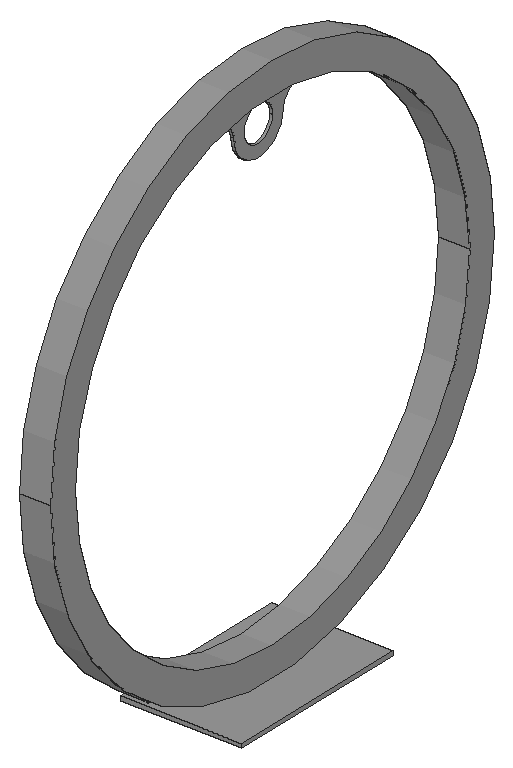
Revit family "11234 Велопарковка О-образная Хоббика", category Антураж, Revit 2018
Family settings
  На основе рабочей плоскости = Нет
  Всегда вертикально = Да
  При загрузке вырезать с полостями = Нет
  Источник визуального образа = Геометрия семейства
  Общий = Нет
  Точка расчета площади = Нет
Parameters (values of type "Велопарковка О-образная")
  Ширина = 200 mm  # constant formula
  Цвет каркаса = Сталь
  Описание = "Велопарковка О-образная"  # constant formula
  Материал изделия = "Сталь"  # constant formula
  Изображение типоразмера = Велопарковка О-образная Арт 11234.jpg
  Изготовитель = "ООО «Хоббика»"  # constant formula
  Длина = 910 mm  # constant formula
  Группа модели = "Велопарковки"  # constant formula
  Высота = 917 mm  # constant formula
  Артикул товара = "Арт. 11234"  # constant formula
  URL = "https://hobbyka.ru/product/veloparkovka_oobraznaya/"
Reference planes
  plane 1 "По центру (Вперед/Назад)": y = 0
  plane 2: z = 0
  plane 3 "По центру (Влево/Вправо)": x = 0
  plane 4: x = 200
  plane 5: y = 910
  plane 6: z = 917
Forms (mm)
  Extrusion 1, solid, material "Сталь" <- "Цвет каркаса"
    sketch origin (0, 0, 0) x (0, 1, 0) y (0, 0, 1)
      loop
        circle (455, 462) r 455
      loop
        circle (455, 462) r 405
    from 75 to 125
  Extrusion 2, solid, material "Сталь" <- "Цвет каркаса"
    sketch origin (0, 0, 0) x (1, 0, 0) y (0, 1, 0)
      loop
        line (0, 610) -> (0, 300) -> (200, 300) -> (200, 610) -> (0, 610)
    from 0 to 7
  Extrusion 3, solid, material "Сталь" <- "Цвет каркаса"
    sketch origin (0, 0, 0) x (0, 1, 0) y (0, 0, 1)
      loop
        arc (344.965, 851.766) -> (382.333, 847.075) -> (405, 817) r 48.352
        arc (405, 817) -> (455, 767) -> (505, 817) r 50
        arc (505, 817) -> (527.667, 847.075) -> (565.035, 851.766) r 48.352
        arc (565.035, 851.766) -> (455, 867) -> (344.965, 851.766) r 405
      loop
        circle (455, 817) r 30
    from 97.5 to 102.5
Dimensions and locks
  "Длина": plane 5 to plane 1 "По центру (Вперед/Назад)"
  "Ширина": plane 3 "По центру (Влево/Вправо)" to plane 4
  "Высота": plane 6 to plane 2
  aligned and locked: level to plane 2
Automatic sketch dimensions
  Extrusion 1 sketch curve to plane 1 "По центру (Вперед/Назад)" = 455 mm
  Extrusion 1 sketch curve to plane 6 = 455 mm
  Extrusion 1 sketch curve to Extrusion 1 sketch curve = 0 mm  (x2)
  Extrusion 2 sketch curve to plane 3 "По центру (Влево/Вправо)" = 0 mm
  Extrusion 2 sketch curve to plane 4 = 0 mm
  Extrusion 2 sketch curve to plane 1 "По центру (Вперед/Назад)" = 300 mm
  Extrusion 2 sketch curve to Extrusion 2 sketch curve = 310 mm
  Extrusion 3 sketch curve to Extrusion 3 sketch curve = 0 mm  (x6)
  Extrusion 3 sketch curve to plane 6 = 111.767 mm  (x2)
  Extrusion 3 sketch curve to plane 1 "По центру (Вперед/Назад)" = 358.102 mm
  Extrusion 3 sketch curve to Extrusion 3 sketch curve = 96.898 mm  (x2)
  Extrusion 3 sketch curve to Extrusion 3 sketch curve = 343.233 mm
  Extrusion 3 sketch curve to Extrusion 3 sketch curve = 11.767 mm
  Extrusion 3 sketch curve to Extrusion 3 sketch curve = 13.137 mm  (x2)
  Extrusion 3 sketch curve to Extrusion 3 sketch curve = 46.898 mm
  radius of Extrusion 1 sketch curve = 455 mm
  radius of Extrusion 1 sketch curve = 405 mm
  radius of Extrusion 3 sketch curve = 30 mm
